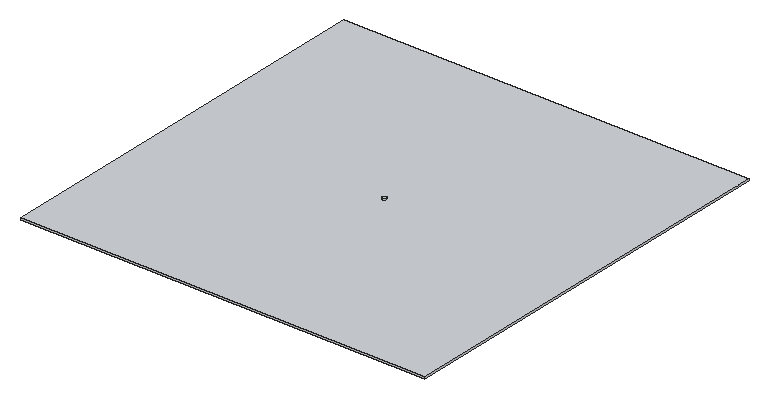
Revit family "GPC-ANFU", category Plumbing Equipment, host Face, Revit 2025
Family settings
  Host = Face
  Round Connector Dimension = Use Radius
  Classification = None
  Part Type = Normal
  OmniClass Number = 23.45.05.21.11.11
  OmniClass Title = Water Operated Water Closets
  Cut with Voids When Loaded = No
  Maintain Annotation Orientation = No
  Shared = No
  Room Calculation Point = No
Parameters (values of type "6 UDG")
  WFU = 3
  HWFU = 0
  Flow Pressure [instance] = 25.00 psi
  Cold Water Diameter [instance] = Cold Water Radius * 2  # 1"
  Cold Water Radius [instance] = 1/2"
  Pipe Material = none
  Default Elevation = 1' - 5"
  CWFU = 6
  Assembly Code = ""
Types (12): name | WFU | CWFU
  6 UDG | 3 | 6
  10 UDG | 4 | 10
  3 UDG | 3 | 3
  4.5 UDG | 3 | 4.5
  5 UDG | 3 | 5
  2 UDG | 3 | 2
  1 UDG | 3 | 1
  1.5 UDG | 3 | 1.5
  Public - 1.6 gpf | 4 | 10
  Private - 1.6 gpf | 3 | 6
  Private - Flushing Greater than 1.6 gpf | 4 | 6
  Public - Flushing Greater than 1.6 gpf | 6 | 10
Reference planes (in)
  plane 1 "Center (Front/Back)": y = 0
  plane 2: z = 0
  plane 3 "Center (Left/Right)": x = 0
Forms (in)
  Extrusion 1, solid
    sketch origin (0, 0, 0) x (1, 0, 0) y (0, 1, 0)
      loop
        line (-48, 48) -> (-48, -48) -> (48, -48) -> (48, 48) -> (-48, 48)
    from 0 to -0.39453
  Extrusion 2, solid, material <- "Pipe Material"
    sketch origin (15.94107, -25.42564, 0) x (0, 1, 0) y (-1, 0, 0)
      loop
        circle (25.42564, 15.94107) r 0.5
    from 0.11719 to 0
Lines and regions (in)
  reference lines
    curve 1: line (2.5, -7.75857, 0) -> (-2.5, -7.75857, 0)
    curve 2: line (0, -12.25857, 0) -> (0, 2.24143, 0)
Dimensions and locks (in)
  plane 1 "Center (Front/Back)" to Extrusion 2 = 0' - 0"
  "Cold Water Radius": radius of Extrusion 2 sketch curve
  aligned and locked: plane 2 to Extrusion 1
  aligned and locked: level to Extrusion 1
Automatic sketch dimensions
  Extrusion 1 sketch curve to Extrusion 1 sketch curve = 8' - 0"  (x2)
  curve 2 to plane 3 "Center (Left/Right)" = 0' - 0"
  plane 1 "Center (Front/Back)" to curve 2 = 1' - 0.25857"
  curve 1 to plane 3 "Center (Left/Right)" = 0' - 2 1/2"
  curve 2 to curve 1 = 0' - 4 1/2"
  curve 2 to plane 1 "Center (Front/Back)" = 0' - 2.24143"
  plane 3 "Center (Left/Right)" to curve 1 = 0' - 2 1/2"
  plane 1 "Center (Front/Back)" to Extrusion 2 sketch curve = 0' - 0"
  Extrusion 2 sketch curve to plane 3 "Center (Left/Right)" = 0' - 0"
Connectors (in)
  piping at (0, 0, 0), diameter 1, driven by "CWFU", driven by "Cold Water Radius", driven by "Flow Pressure"
    settings: on Extrusion 2, index 1, connector inside diameter 1", connector length 0' - 0", flow factor 0, pipe flow 0 GPM, pressure drop 25.00 psi, fitting loss kfactor 0, connector angle 0.00°, fixture units 6, engagement length 0' - 0", angle of deflection 0.00°, flow configuration 3, flow direction 1, fitting loss method 4, system type 20, joint type 0, gender type 0, connector reference index -1, connector utility 0, adjustable connector no, is connector primary yes, connector description "In"
